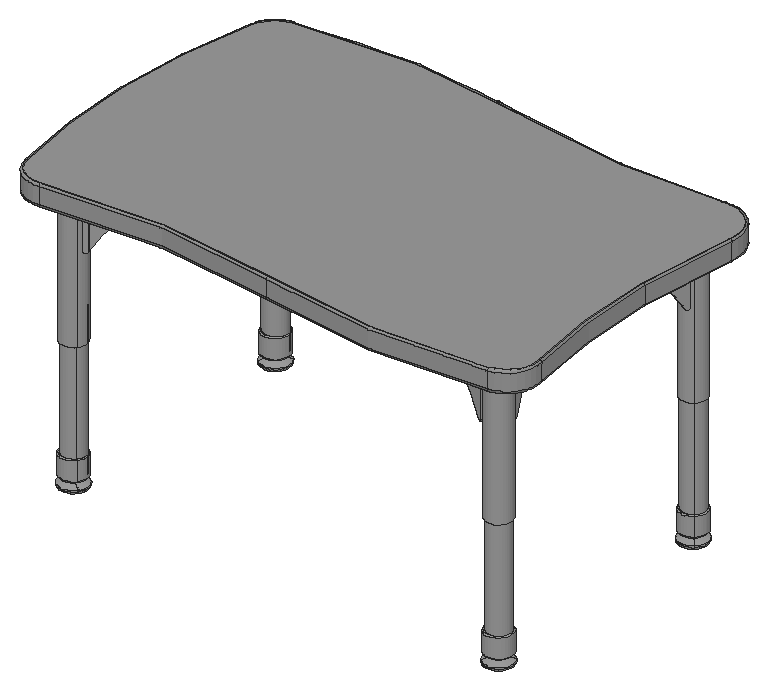
Revit family "Hierarchy Creator Rectangle Desk - Youth Height", category Furniture, Revit 2018
Family settings
  Work Plane-Based = No
  Always vertical = Yes
  Cut with Voids When Loaded = No
  Shared = No
  Room Calculation Point = No
Parameters
  Surface = Hierarchy Creator Rectangle Desk Youth Surface
  Leg Finish = Hierarchy Leg Platinum
  Edgeband = Hierarchy Creator Rectangle Desk Youth Edgeband
  Desk Height = 1' - 4"
  Caster/Glide = Hierarchy Youth Leg - Glide : Hierarchy Youth Leg - Glide
Reference planes (in)
  plane 1 "Center (Front/Back)": y = 0
  plane 2: z = 0
  plane 3 "Center (Left/Right)": x = 0
  plane 4: z = 16
Dimensions and locks (in)
  "Desk Height": plane 4 to level
  aligned and locked: plane 2 to level
  aligned and locked: nested 3 to plane 4
Nested families (in)
  nested 1: "Hierarchy Youth Leg - Glide" at (12.1883918, -8.7945482, 0) x (-0.7071, -0.7071, 0) z (0, 0, 1), Leg Height <- "Desk Height", Leg Finish <- "Leg Finish", type "Hierarchy Youth Leg - Glide"
    with Leg Height 1' - 4", Leg Finish Hierarchy Leg Platinum
  nested 2: "Hierarchy Youth Leg - Glide" at (12.0254135, 6.1082019, 0) x (0.7071, -0.7071, 0) z (0, 0, 1), Leg Height <- "Desk Height", Leg Finish <- "Leg Finish", type "Hierarchy Youth Leg - Glide"
    with Leg Height 1' - 4", Leg Finish Hierarchy Leg Platinum
  nested 3: "Creator Rectangle Desk Tabletop" at (0, 0, 2.977879), type "Creator Rectangle Desk Tabletop"
  nested 4: "Hierarchy Youth Leg - Glide" at (-14.056872, 7.1532149, 0) x (-0.7242, -0.6896, 0) z (0, 0, 1), Leg Height <- "Desk Height", type <- "Caster/Glide", Leg Finish <- "Leg Finish", type "Hierarchy Youth Leg - Glide"
    with Leg Height 1' - 4", Leg Finish Hierarchy Leg Platinum
  nested 5: "Hierarchy Youth Leg - Glide" at (-14.1376603, -8.0009754, 0) x (-0.8117, 0.5841, 0) z (0, 0, 1), type <- "Caster/Glide", Leg Finish <- "Leg Finish", Leg Height <- "Desk Height", type "Hierarchy Youth Leg - Glide"
    with Leg Height 1' - 4", Leg Finish Hierarchy Leg Platinum
Definition of nested family "Hierarchy Youth Leg - Glide"
  Parameters (values of type "Hierarchy Youth Leg - Glide")
    Leg Finish [instance] = none
    Leg Height [instance] = 1' - 4.80117"
  Reference planes (in)
    plane 1 "Center (Front/Back)": y = 0
    plane 2: z = 0
    plane 3 "Center (Left/Right)": x = 0
  Forms (in)
    Extrusion 1, solid
      sketch origin (-0.015625, 0, 0) x (1, 0, 0) y (0, 1, 0)
        loop
          circle (0.015625, 0) r 0.6701606
      from 0.6761811 to 10.5501811
    Revolve 2, solid
      sketch origin (0, 0, 0) x (1, 0, 0) y (0, 0, 1)
        loop
          line (-0.7318851, 1.8011811) -> (-0.7943912, 1.7386749) -> (-0.7943912, 0.613811) -> (-0.7317613, 0.5511811) -> (-0.1250031, 0.5511811) -> (-0.1250031, 0.4261832) -> (-0.8465643, 0.1624109) -> (-0.8465643, 0.0899363) -> (-0.8135931, 0) -> (0, 0) -> (0, 1.8011811) -> (-0.7318851, 1.8011811)
        axis (0, 1.8011811) -> (0, 0)
      angle from 0 to 360
  Dimensions and locks (in)
    "Leg Height": nested 1 to level  (x2)
    aligned and locked: plane 2 to level
  Automatic sketch dimensions
    plane 1 "Center (Front/Back)" to Extrusion 1 sketch curve = 0' - 0"
    Extrusion 1 sketch curve to plane 3 "Center (Left/Right)" = 0' - 0"
    Revolve 2 sketch curve to level = 0' - 0"
    Revolve 2 sketch curve to plane 3 "Center (Left/Right)" = 0' - 0"  (x2)
    Revolve 2 sketch curve to plane 3 "Center (Left/Right)" = 0' - 0 1/8"
    Revolve 2 sketch curve to Revolve 2 sketch curve = 0' - 0.60676"
    Revolve 2 sketch curve to Revolve 2 sketch curve = 0' - 0.73189"
    Revolve 2 sketch curve to Revolve 2 sketch curve = 0' - 0.06263"  (x2)
    Revolve 2 sketch curve to Revolve 2 sketch curve = 0' - 0.08183"
    Revolve 2 sketch curve to Revolve 2 sketch curve = 0' - 0.03297"
    level to Revolve 2 sketch curve = 0' - 0.08994"
    Revolve 2 sketch curve to Revolve 2 sketch curve = 0' - 0.07247"
    level to Revolve 2 sketch curve = 0' - 0.42618"
    Revolve 2 sketch curve to Revolve 2 sketch curve = 0' - 0 1/8"
    Revolve 2 sketch curve to Revolve 2 sketch curve = 0' - 1.12486"
    Revolve 2 sketch curve to Revolve 2 sketch curve = 0' - 0 1/16"
    Revolve 2 sketch curve to level = 2' - 0"
    Revolve 2 sketch curve to Revolve 2 sketch curve = 8' - 4.91764"
    radius of Extrusion 1 sketch curve = 0' - 0.67016"
  Nested families (in)
    nested 1: "Hierarchy Youth Upper Leg 2023" at (0, 0, 0), Leg Finish <- "Leg Finish", type "Hierarchy Youth Upper Leg 2023"
      with Leg Finish none
  Definition of nested family "Hierarchy Youth Upper Leg 2023"
    Parameters (values of type "Hierarchy Youth Upper Leg 2023")
      Leg Finish [instance] = none
    Reference planes (in)
      plane 1 "Center (Front/Back)": y = 0
      plane 2: z = 0
      plane 3 "Center (Left/Right)": x = 0
    Forms (in)
      Extrusion 1, solid, material <- "Leg Finish"
        sketch origin (0, 0, -11.001) x (1, 0, 0) y (0, 1, 0)
          loop
            circle (0, 0) r 0.75
        from 19.6761811 to 27.6761811
      Extrusion 2, solid, material <- "Leg Finish"
        sketch origin (0, 0, -11.001) x (1, 0, 0) y (0, 1, 0)
          loop
            line (-1.7017431, 0.1918316) -> (-2.8862648, -2.2611586)
            arc (-2.8862648, -2.2611586) -> (-2.839928, -3.0982194) -> (-2.1062992, -3.503937) r 0.8661417
            line (-2.1062992, -3.503937) -> (2.1062992, -3.503937)
            arc (2.1062992, -3.503937) -> (2.839928, -3.0982194) -> (2.8862648, -2.2611586) r 0.8661417
            line (2.8862648, -2.2611586) -> (1.7017431, 0.1918316)
            arc (1.7017431, 0.1918316) -> (0, 1.2598425) -> (-1.7017431, 0.1918316) r 1.8897638
        from 27.6761811 to 27.8021654
      Extrusion 3, solid, material <- "Leg Finish"
        sketch origin (-1.4851906, 8.6652431, -11.001) x (-0.434844, 0.900506, 0) y (0, 0, 1)
          loop
            line (-9.014247, 27.6761811) -> (-11.8095226, 27.6761811)
            arc (-11.8095226, 27.6761811) -> (-11.9232546, 27.5899308) -> (-11.8708805, 27.4571489) r 0.1181102
            arc (-11.8708805, 27.4571489) -> (-10.3936377, 26.2967904) -> (-9.2332792, 24.8195476) r 7.8740157
            arc (-9.2332792, 24.8195476) -> (-9.1004973, 24.7671735) -> (-9.014247, 24.8809055) r 0.1181102
            line (-9.014247, 24.8809055) -> (-9.014247, 27.6761811)
        from -1.9407463 to -1.8147621
      Extrusion 4, solid, material <- "Leg Finish"
        sketch origin (1.4851906, 8.6652431, -11.001) x (0.434844, 0.900506, 0) y (0, 0, -1)
          loop
            line (-9.014247, -27.6761811) -> (-9.014247, -24.8809055)
            arc (-9.014247, -24.8809055) -> (-9.1004973, -24.7671735) -> (-9.2332792, -24.8195476) r 0.1181102
            arc (-9.2332792, -24.8195476) -> (-10.3936377, -26.2967904) -> (-11.8708805, -27.4571489) r 7.8740157
            arc (-11.8708805, -27.4571489) -> (-11.9232546, -27.5899308) -> (-11.8095226, -27.6761811) r 0.1181102
            line (-11.8095226, -27.6761811) -> (-9.014247, -27.6761811)
        from -1.9407463 to -1.8147621
    Dimensions and locks (in)
      aligned and locked: plane 2 to level
Definition of nested family "Creator Rectangle Desk Tabletop"
  Parameters (values of type "Creator Rectangle Desk Tabletop")
    Surface = none
    Edgeband = none
  Reference planes (in)
    plane 1 "Center (Front/Back)": y = 0
    plane 2: z = 0
    plane 3 "Center (Left/Right)": x = 0
  Forms (in)
    Extrusion 1, solid, material <- "Surface"
      sketch origin (0, 0, 0) x (1, 0, 0) y (0, 1, 0)
        loop
          arc (-14.7711104, 9.2637868) -> (-15.6423797, 8.8265909) -> (-16.126355, 7.9804121) r 1.6870501
          arc (-16.126355, 7.9804121) -> (-16.8583056, 3.7355833) -> (-17.1138165, -0.5643049) r 38.686219
          arc (-17.1138165, -0.5643049) -> (-16.904626, -4.7572249) -> (-16.248827, -8.9038218) r 39.2520343
          arc (-16.248827, -8.9038218) -> (-15.5531499, -9.9416273) -> (-14.3338328, -10.2141575) r 1.6834285
          arc (-14.3338328, -10.2141575) -> (-7.3257286, -9.7267749) -> (-0.3449232, -10.5138089) r 38.7155571
          arc (-0.3449232, -10.5138089) -> (6.4480991, -11.2925763) -> (13.2717012, -10.8565878) r 38.4742498
          arc (13.2717012, -10.8565878) -> (14.4036478, -10.1488648) -> (14.6689672, -8.8405145) r 1.6901988
          arc (14.6689672, -8.8405145) -> (14.0043087, -4.4436047) -> (13.834119, 0) r 39.8144495
          arc (13.834119, 0) -> (13.9990242, 2.9658974) -> (14.3883538, 5.9107511) r 39.1455127
          arc (14.3883538, 5.9107511) -> (13.8078251, 7.8273837) -> (11.9264028, 8.5134916) r 2.2396555
          arc (11.9264028, 8.5134916) -> (5.7449398, 8.2944394) -> (-0.3949098, 9.0432483) r 39.4923984
          arc (-0.3949098, 9.0432483) -> (-7.5726513, 9.8287755) -> (-14.7711104, 9.2637868) r 38.6007238
      from 13.022121 to 14.2720642
    Sweep 2, solid, material <- "Edgeband"
      path origin (0, 0, 0) x (1, 0, 0) y (0, 1, 0)
        loop
          arc (-0.3949098, 9.0432483) -> (-7.5726513, 9.8287755) -> (-14.7711104, 9.2637868) r 38.6007238
          arc (-14.7711104, 9.2637868) -> (-15.6423797, 8.8265909) -> (-16.126355, 7.9804121) r 1.6870501
          arc (-16.126355, 7.9804121) -> (-16.8583056, 3.7355833) -> (-17.1138165, -0.5643049) r 38.686219
          arc (-17.1138165, -0.5643049) -> (-16.904626, -4.7572249) -> (-16.248827, -8.9038218) r 39.2520343
          arc (-16.248827, -8.9038218) -> (-15.5531499, -9.9416273) -> (-14.3338328, -10.2141575) r 1.6834285
          arc (-14.3338328, -10.2141575) -> (-7.3257286, -9.7267749) -> (-0.3449232, -10.5138089) r 38.7155571
          arc (-0.3449232, -10.5138089) -> (6.4480991, -11.2925763) -> (13.2717012, -10.8565878) r 38.4742498
          arc (13.2717012, -10.8565878) -> (14.4036478, -10.1488648) -> (14.6689672, -8.8405145) r 1.6901988
          arc (14.6689672, -8.8405145) -> (14.0043087, -4.4436047) -> (13.834119, 0) r 39.8144495
          arc (13.834119, 0) -> (13.9990242, 2.9658974) -> (14.3883538, 5.9107511) r 39.1455127
          arc (14.3883538, 5.9107511) -> (13.8078251, 7.8273837) -> (11.9264028, 8.5134916) r 2.2396555
          arc (11.9264028, 8.5134916) -> (5.7449398, 8.2944394) -> (-0.3949098, 9.0432483) r 39.4923984
      profile origin (-7.5726513, 9.8287755, 0) x (-0.015339, -0.999882, 0) y (0, 0, 1)
        loop
          line (0, 13.0221778) -> (0, 14.2720642)
          arc (0, 14.2720642) -> (-0.0884112, 14.2331119) -> (-0.1247186, 14.1435821) r 0.1285389
          line (-0.1247186, 14.1435821) -> (-0.1247186, 13.1506599)
          arc (-0.1247186, 13.1506599) -> (-0.0884112, 13.06113) -> (0, 13.0221778) r 0.1285389
  Dimensions and locks (in)
    aligned and locked: plane 2 to level
